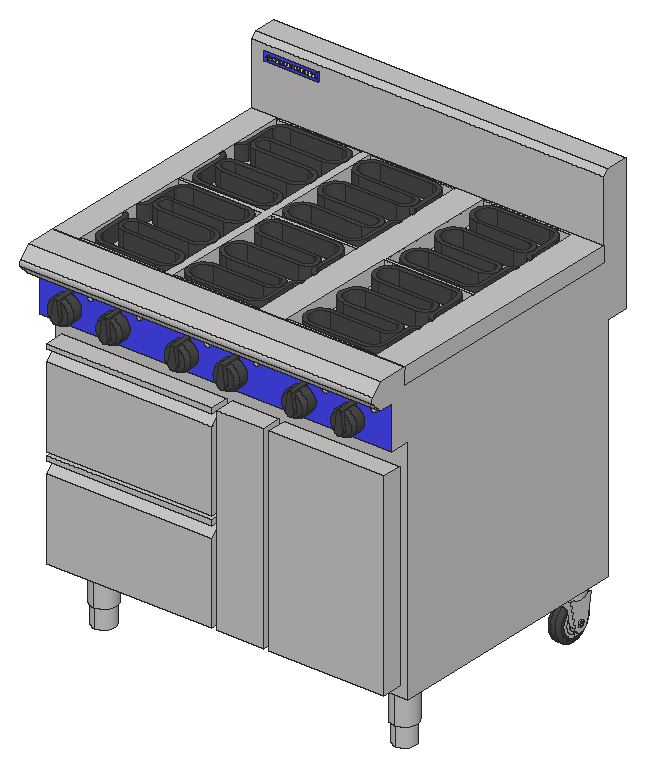
Revit family "QF_MOFFAT_BLUESEAL_CE_E516D-RB", category Specialty Equipment, Revit 2012 (continued)
Definition of nested family "ELECTRIC BURNER 900"
  Forms (mm)
    Extrusion 2, solid, material "QF_Finishes_Black"
      sketch origin (0, 15.7, 0) x (0, -1, 0) y (1, 0, 0)
        loop
          arc (524.15, 246.212) -> (486.45, 283.912) -> (448.75, 246.212) r 37.7
          line (448.75, 246.212) -> (448.75, 113.612)
          arc (448.75, 113.612) -> (431.05, 95.912) -> (413.35, 113.612) r 17.7
          line (413.35, 113.612) -> (413.35, 246.212)
          arc (413.35, 246.212) -> (375.65, 283.912) -> (337.95, 246.212) r 37.7
          line (337.95, 246.212) -> (337.95, 113.784)
          arc (337.95, 113.784) -> (347.849, 87.513) -> (373.414, 75.912) r 36.722
          line (373.414, 75.912) -> (444.681, 75.912)
          arc (444.681, 75.912) -> (453.49, 72.964) -> (459.168, 65.612) r 15.973
          line (459.168, 65.612) -> (469.581, 65.612)
        loop
          line (156.993, 523.112) -> (146.6, 523.112)
          arc (146.6, 523.112) -> (140.976, 515.752) -> (132.193, 512.812) r 15.79
          line (132.193, 512.812) -> (60.914, 512.812)
          arc (60.914, 512.812) -> (35.349, 501.211) -> (25.45, 474.94) r 36.722
          line (25.45, 474.94) -> (25.45, 342.512)
          arc (25.45, 342.512) -> (63.15, 304.812) -> (100.85, 342.512) r 37.7
          line (100.85, 342.512) -> (100.85, 475.112)
          arc (100.85, 475.112) -> (118.55, 492.812) -> (136.25, 475.112) r 17.7
          line (136.25, 475.112) -> (136.25, 342.512)
          arc (136.25, 342.512) -> (173.95, 304.812) -> (211.65, 342.512) r 37.7
          line (211.65, 342.512) -> (211.65, 475.112)
          arc (211.65, 475.112) -> (229.35, 492.812) -> (247.05, 475.112) r 17.7
          line (247.05, 475.112) -> (247.05, 342.512)
          arc (247.05, 342.512) -> (284.75, 304.812) -> (322.45, 342.512) r 37.7
          line (322.45, 342.512) -> (322.45, 474.94)
          arc (322.45, 474.94) -> (312.551, 501.211) -> (286.986, 512.812) r 36.722
          line (286.986, 512.812) -> (215.719, 512.812)
          arc (215.719, 512.812) -> (206.91, 515.761) -> (201.232, 523.112) r 15.973
          line (201.232, 523.112) -> (190.819, 523.112)
          arc (190.819, 523.112) -> (199.705, 508.688) -> (215.596, 502.812) r 25.973
          line (215.596, 502.812) -> (286.804, 502.812)
          arc (286.804, 502.812) -> (305.355, 494.266) -> (312.45, 475.112) r 26.722
          line (312.45, 475.112) -> (312.45, 342.512)
          arc (312.45, 342.512) -> (284.75, 314.812) -> (257.05, 342.512) r 27.7
          line (257.05, 342.512) -> (257.05, 474.487)
          arc (257.05, 474.487) -> (229.35, 502.187) -> (201.65, 474.487) r 27.7
          line (201.65, 474.487) -> (201.65, 342.512)
          arc (201.65, 342.512) -> (173.95, 314.812) -> (146.25, 342.512) r 27.7
          line (146.25, 342.512) -> (146.25, 474.956)
          arc (146.25, 474.956) -> (118.55, 502.656) -> (90.85, 474.956) r 27.7
          line (90.85, 474.956) -> (90.85, 342.512)
          arc (90.85, 342.512) -> (63.15, 314.812) -> (35.45, 342.512) r 27.7
          line (35.45, 342.512) -> (35.45, 475.112)
          arc (35.45, 475.112) -> (42.545, 494.266) -> (61.096, 502.812) r 26.722
          line (61.096, 502.812) -> (132.304, 502.812)
          arc (132.304, 502.812) -> (148.172, 508.677) -> (156.993, 523.112) r 25.79
        loop
          line (469.581, 523.112) -> (459.168, 523.112)
          arc (459.168, 523.112) -> (453.49, 515.761) -> (444.681, 512.812) r 15.973
          line (444.681, 512.812) -> (373.414, 512.812)
          arc (373.414, 512.812) -> (347.849, 501.211) -> (337.95, 474.94) r 36.722
          line (337.95, 474.94) -> (337.95, 342.512)
          arc (337.95, 342.512) -> (375.65, 304.812) -> (413.35, 342.512) r 37.7
          line (413.35, 342.512) -> (413.35, 475.112)
          arc (413.35, 475.112) -> (431.05, 492.812) -> (448.75, 475.112) r 17.7
          line (448.75, 475.112) -> (448.75, 342.512)
          arc (448.75, 342.512) -> (486.45, 304.812) -> (524.15, 342.512) r 37.7
          line (524.15, 342.512) -> (524.15, 475.112)
          arc (524.15, 475.112) -> (541.85, 492.812) -> (559.55, 475.112) r 17.7
          line (559.55, 475.112) -> (559.55, 342.512)
          arc (559.55, 342.512) -> (597.25, 304.812) -> (634.95, 342.512) r 37.7
          line (634.95, 342.512) -> (634.95, 474.94)
          arc (634.95, 474.94) -> (625.051, 501.211) -> (599.486, 512.812) r 36.722
          line (599.486, 512.812) -> (528.207, 512.812)
          arc (528.207, 512.812) -> (519.162, 515.944) -> (513.588, 523.725) r 15.79
          line (513.588, 523.725) -> (503.282, 523.725)
          arc (503.282, 523.725) -> (511.987, 508.876) -> (528.096, 502.812) r 25.79
          line (528.096, 502.812) -> (599.304, 502.812)
          arc (599.304, 502.812) -> (617.855, 494.266) -> (624.95, 475.112) r 26.722
          line (624.95, 475.112) -> (624.95, 342.512)
          arc (624.95, 342.512) -> (597.25, 314.812) -> (569.55, 342.512) r 27.7
          line (569.55, 342.512) -> (569.55, 473.862)
          arc (569.55, 473.862) -> (541.85, 501.562) -> (514.15, 473.862) r 27.7
          line (514.15, 473.862) -> (514.15, 342.512)
          arc (514.15, 342.512) -> (486.45, 314.812) -> (458.75, 342.512) r 27.7
          line (458.75, 342.512) -> (458.75, 473.862)
          arc (458.75, 473.862) -> (431.05, 501.562) -> (403.35, 473.862) r 27.7
          line (403.35, 473.862) -> (403.35, 342.512)
          arc (403.35, 342.512) -> (375.65, 314.812) -> (347.95, 342.512) r 27.7
          line (347.95, 342.512) -> (347.95, 475.112)
          arc (347.95, 475.112) -> (355.045, 494.266) -> (373.596, 502.812) r 26.722
          line (373.596, 502.812) -> (444.804, 502.812)
          arc (444.804, 502.812) -> (460.695, 508.688) -> (469.581, 523.112) r 25.973
        loop
          line (156.993, 823.112) -> (146.6, 823.112)
          arc (146.6, 823.112) -> (140.976, 815.752) -> (132.193, 812.812) r 15.79
          line (132.193, 812.812) -> (60.914, 812.812)
          arc (60.914, 812.812) -> (35.349, 801.211) -> (25.45, 774.94) r 36.722
          line (25.45, 774.94) -> (25.45, 642.512)
          arc (25.45, 642.512) -> (63.15, 604.812) -> (100.85, 642.512) r 37.7
          line (100.85, 642.512) -> (100.85, 775.112)
          arc (100.85, 775.112) -> (118.55, 792.812) -> (136.25, 775.112) r 17.7
          line (136.25, 775.112) -> (136.25, 642.512)
          arc (136.25, 642.512) -> (173.95, 604.812) -> (211.65, 642.512) r 37.7
          line (211.65, 642.512) -> (211.65, 775.112)
          arc (211.65, 775.112) -> (229.35, 792.812) -> (247.05, 775.112) r 17.7
          line (247.05, 775.112) -> (247.05, 642.512)
          arc (247.05, 642.512) -> (284.75, 604.812) -> (322.45, 642.512) r 37.7
          line (322.45, 642.512) -> (322.45, 774.94)
          arc (322.45, 774.94) -> (312.551, 801.211) -> (286.986, 812.812) r 36.722
          line (286.986, 812.812) -> (215.719, 812.812)
          arc (215.719, 812.812) -> (206.91, 815.761) -> (201.232, 823.112) r 15.973
          line (201.232, 823.112) -> (190.819, 823.112)
          arc (190.819, 823.112) -> (199.705, 808.688) -> (215.596, 802.812) r 25.973
          line (215.596, 802.812) -> (286.804, 802.812)
          arc (286.804, 802.812) -> (305.355, 794.266) -> (312.45, 775.112) r 26.722
          line (312.45, 775.112) -> (312.45, 642.512)
          arc (312.45, 642.512) -> (284.75, 614.812) -> (257.05, 642.512) r 27.7
          line (257.05, 642.512) -> (257.05, 774.487)
          arc (257.05, 774.487) -> (229.35, 802.187) -> (201.65, 774.487) r 27.7
          line (201.65, 774.487) -> (201.65, 642.512)
          arc (201.65, 642.512) -> (173.95, 614.812) -> (146.25, 642.512) r 27.7
          line (146.25, 642.512) -> (146.25, 774.956)
          arc (146.25, 774.956) -> (118.55, 802.656) -> (90.85, 774.956) r 27.7
          line (90.85, 774.956) -> (90.85, 642.512)
          arc (90.85, 642.512) -> (63.15, 614.812) -> (35.45, 642.512) r 27.7
          line (35.45, 642.512) -> (35.45, 775.112)
          arc (35.45, 775.112) -> (42.545, 794.266) -> (61.096, 802.812) r 26.722
          line (61.096, 802.812) -> (132.304, 802.812)
          arc (132.304, 802.812) -> (148.172, 808.677) -> (156.993, 823.112) r 25.79
        loop
          line (469.581, 823.112) -> (459.168, 823.112)
          arc (459.168, 823.112) -> (453.49, 815.761) -> (444.681, 812.812) r 15.973
          line (444.681, 812.812) -> (373.414, 812.812)
          arc (373.414, 812.812) -> (347.849, 801.211) -> (337.95, 774.94) r 36.722
          line (337.95, 774.94) -> (337.95, 642.512)
          arc (337.95, 642.512) -> (375.65, 604.812) -> (413.35, 642.512) r 37.7
          line (413.35, 642.512) -> (413.35, 775.112)
          arc (413.35, 775.112) -> (431.05, 792.812) -> (448.75, 775.112) r 17.7
          line (448.75, 775.112) -> (448.75, 642.512)
          arc (448.75, 642.512) -> (486.45, 604.812) -> (524.15, 642.512) r 37.7
          line (524.15, 642.512) -> (524.15, 775.112)
          arc (524.15, 775.112) -> (541.85, 792.812) -> (559.55, 775.112) r 17.7
          line (559.55, 775.112) -> (559.55, 642.512)
          arc (559.55, 642.512) -> (597.25, 604.812) -> (634.95, 642.512) r 37.7
          line (634.95, 642.512) -> (634.95, 774.94)
          arc (634.95, 774.94) -> (625.051, 801.211) -> (599.486, 812.812) r 36.722
          line (599.486, 812.812) -> (528.207, 812.812)
          arc (528.207, 812.812) -> (519.162, 815.944) -> (513.588, 823.725) r 15.79
          line (513.588, 823.725) -> (503.282, 823.725)
          arc (503.282, 823.725) -> (511.987, 808.876) -> (528.096, 802.812) r 25.79
          line (528.096, 802.812) -> (599.304, 802.812)
          arc (599.304, 802.812) -> (617.855, 794.266) -> (624.95, 775.112) r 26.722
          line (624.95, 775.112) -> (624.95, 642.512)
          arc (624.95, 642.512) -> (597.25, 614.812) -> (569.55, 642.512) r 27.7
          line (569.55, 642.512) -> (569.55, 773.862)
          arc (569.55, 773.862) -> (541.85, 801.562) -> (514.15, 773.862) r 27.7
          line (514.15, 773.862) -> (514.15, 642.512)
          arc (514.15, 642.512) -> (486.45, 614.812) -> (458.75, 642.512) r 27.7
          line (458.75, 642.512) -> (458.75, 773.862)
          arc (458.75, 773.862) -> (431.05, 801.562) -> (403.35, 773.862) r 27.7
          line (403.35, 773.862) -> (403.35, 642.512)
          arc (403.35, 642.512) -> (375.65, 614.812) -> (347.95, 642.512) r 27.7
          line (347.95, 642.512) -> (347.95, 775.112)
          arc (347.95, 775.112) -> (355.045, 794.266) -> (373.596, 802.812) r 26.722
          line (373.596, 802.812) -> (444.804, 802.812)
          arc (444.804, 802.812) -> (460.695, 808.688) -> (469.581, 823.112) r 25.973
      from 0 to 40
  Lines and regions (mm)
    symbolic lines
      curve 1: line (246.212, -75.15, 0) -> (113.769, -75.15, 0)
      curve 2: arc (113.769, -75.15, 0) -> (86.069, -102.85, 0) -> (113.769, -130.55, 0) r 27.7
      curve 3: line (113.769, -130.55, 0) -> (246.212, -130.55, 0)
      curve 4: arc (246.212, -130.55, 0) -> (273.912, -158.25, 0) -> (246.212, -185.95, 0) r 27.7
      curve 5: line (246.212, -185.95, 0) -> (114.237, -185.95, 0)
      curve 6: arc (114.237, -185.95, 0) -> (86.537, -213.65, 0) -> (114.237, -241.35, 0) r 27.7
      curve 7: line (114.237, -241.35, 0) -> (246.212, -241.35, 0)
      curve 8: arc (246.212, -241.35, 0) -> (273.912, -269.05, 0) -> (246.212, -296.75, 0) r 27.7
      curve 9: line (246.212, -296.75, 0) -> (113.612, -296.75, 0)
      curve 10: arc (113.612, -296.75, 0) -> (94.459, -289.655, 0) -> (85.912, -271.104, 0) r 26.722
      curve 11: line (85.912, -271.104, 0) -> (85.912, -199.896, 0)
      curve 12: arc (85.912, -199.896, 0) -> (80.037, -184.005, 0) -> (65.612, -175.119, 0) r 25.973
      curve 13: line (65.612, -175.119, 0) -> (65.612, -185.532, 0)
      curve 14: arc (65.612, -185.532, 0) -> (72.964, -191.21, 0) -> (75.912, -200.019, 0) r 15.973
      curve 15: line (75.912, -200.019, 0) -> (75.912, -271.286, 0)
      curve 16: arc (75.912, -271.286, 0) -> (87.513, -296.851, 0) -> (113.784, -306.75, 0) r 36.722
      curve 17: line (113.784, -306.75, 0) -> (246.212, -306.75, 0)
      curve 18: arc (246.212, -306.75, 0) -> (283.912, -269.05, 0) -> (246.212, -231.35, 0) r 37.7
      curve 19: line (246.212, -231.35, 0) -> (113.612, -231.35, 0)
      curve 20: arc (113.612, -231.35, 0) -> (95.912, -213.65, 0) -> (113.612, -195.95, 0) r 17.7
      curve 21: line (113.612, -195.95, 0) -> (246.212, -195.95, 0)
      curve 22: arc (246.212, -195.95, 0) -> (283.912, -158.25, 0) -> (246.212, -120.55, 0) r 37.7
      curve 23: line (246.212, -120.55, 0) -> (113.612, -120.55, 0)
      curve 24: arc (113.612, -120.55, 0) -> (95.912, -102.85, 0) -> (113.612, -85.15, 0) r 17.7
      curve 25: line (113.612, -85.15, 0) -> (246.212, -85.15, 0)
      curve 26: arc (246.212, -85.15, 0) -> (283.912, -47.45, 0) -> (246.212, -9.75, 0) r 37.7
      curve 27: line (246.212, -9.75, 0) -> (113.784, -9.75, 0)
      curve 28: arc (113.784, -9.75, 0) -> (87.513, -19.649, 0) -> (75.912, -45.214, 0) r 36.722
      curve 29: line (75.912, -45.214, 0) -> (75.912, -116.493, 0)
      curve 30: arc (75.912, -116.493, 0) -> (72.972, -125.276, 0) -> (65.612, -130.9, 0) r 15.79
      curve 31: line (65.612, -130.9, 0) -> (65.612, -141.293, 0)
      curve 32: arc (65.612, -141.293, 0) -> (80.048, -132.472, 0) -> (85.912, -116.604, 0) r 25.79
      curve 33: line (85.912, -116.604, 0) -> (85.912, -45.396, 0)
      curve 34: arc (85.912, -45.396, 0) -> (94.459, -26.845, 0) -> (113.612, -19.75, 0) r 26.722
      curve 35: line (113.612, -19.75, 0) -> (246.212, -19.75, 0)
      curve 36: arc (246.212, -19.75, 0) -> (273.912, -47.45, 0) -> (246.212, -75.15, 0) r 27.7
      curve 37: line (474.956, -75.15, 0) -> (342.512, -75.15, 0)
      curve 38: arc (342.512, -75.15, 0) -> (314.812, -47.45, 0) -> (342.512, -19.75, 0) r 27.7
      curve 39: line (342.512, -19.75, 0) -> (475.112, -19.75, 0)
      curve 40: arc (475.112, -19.75, 0) -> (494.266, -26.845, 0) -> (502.812, -45.396, 0) r 26.722
      curve 41: line (502.812, -45.396, 0) -> (502.812, -116.604, 0)
      curve 42: arc (502.812, -116.604, 0) -> (508.677, -132.472, 0) -> (523.112, -141.293, 0) r 25.79
      curve 43: line (523.112, -141.293, 0) -> (523.112, -130.9, 0)
      curve 44: arc (523.112, -130.9, 0) -> (515.752, -125.276, 0) -> (512.812, -116.493, 0) r 15.79
      curve 45: line (512.812, -116.493, 0) -> (512.812, -45.214, 0)
      curve 46: arc (512.812, -45.214, 0) -> (501.211, -19.649, 0) -> (474.94, -9.75, 0) r 36.722
      curve 47: line (474.94, -9.75, 0) -> (342.512, -9.75, 0)
      curve 48: arc (342.512, -9.75, 0) -> (304.812, -47.45, 0) -> (342.512, -85.15, 0) r 37.7
      curve 49: line (342.512, -85.15, 0) -> (475.112, -85.15, 0)
      curve 50: arc (475.112, -85.15, 0) -> (492.812, -102.85, 0) -> (475.112, -120.55, 0) r 17.7
      curve 51: line (475.112, -120.55, 0) -> (342.512, -120.55, 0)
      curve 52: arc (342.512, -120.55, 0) -> (304.812, -158.25, 0) -> (342.512, -195.95, 0) r 37.7
      curve 53: line (342.512, -195.95, 0) -> (475.112, -195.95, 0)
      curve 54: arc (475.112, -195.95, 0) -> (492.812, -213.65, 0) -> (475.112, -231.35, 0) r 17.7
      curve 55: line (475.112, -231.35, 0) -> (342.512, -231.35, 0)
      curve 56: arc (342.512, -231.35, 0) -> (304.812, -269.05, 0) -> (342.512, -306.75, 0) r 37.7
      curve 57: line (342.512, -306.75, 0) -> (474.94, -306.75, 0)
      curve 58: arc (474.94, -306.75, 0) -> (501.211, -296.851, 0) -> (512.812, -271.286, 0) r 36.722
      curve 59: line (512.812, -271.286, 0) -> (512.812, -200.019, 0)
      curve 60: arc (512.812, -200.019, 0) -> (515.761, -191.21, 0) -> (523.112, -185.532, 0) r 15.973
      curve 61: line (523.112, -185.532, 0) -> (523.112, -175.119, 0)
      curve 62: arc (523.112, -175.119, 0) -> (508.688, -184.005, 0) -> (502.812, -199.896, 0) r 25.973
      curve 63: line (502.812, -199.896, 0) -> (502.812, -271.104, 0)
      curve 64: arc (502.812, -271.104, 0) -> (494.266, -289.655, 0) -> (475.112, -296.75, 0) r 26.722
      curve 65: line (475.112, -296.75, 0) -> (342.512, -296.75, 0)
      curve 66: arc (342.512, -296.75, 0) -> (314.812, -269.05, 0) -> (342.512, -241.35, 0) r 27.7
      curve 67: line (342.512, -241.35, 0) -> (474.487, -241.35, 0)
      curve 68: arc (474.487, -241.35, 0) -> (502.187, -213.65, 0) -> (474.487, -185.95, 0) r 27.7
      curve 69: line (474.487, -185.95, 0) -> (342.512, -185.95, 0)
      curve 70: arc (342.512, -185.95, 0) -> (314.812, -158.25, 0) -> (342.512, -130.55, 0) r 27.7
      curve 71: line (342.512, -130.55, 0) -> (474.956, -130.55, 0)
      curve 72: arc (474.956, -130.55, 0) -> (502.656, -102.85, 0) -> (474.956, -75.15, 0) r 27.7
      curve 73: line (774.956, -75.15, 0) -> (642.512, -75.15, 0)
      curve 74: arc (642.512, -75.15, 0) -> (614.812, -47.45, 0) -> (642.512, -19.75, 0) r 27.7
      curve 75: line (642.512, -19.75, 0) -> (775.112, -19.75, 0)
      curve 76: arc (775.112, -19.75, 0) -> (794.266, -26.845, 0) -> (802.812, -45.396, 0) r 26.722
      curve 77: line (802.812, -45.396, 0) -> (802.812, -116.604, 0)
      curve 78: arc (802.812, -116.604, 0) -> (808.677, -132.472, 0) -> (823.112, -141.293, 0) r 25.79
      curve 79: line (823.112, -141.293, 0) -> (823.112, -130.9, 0)
      curve 80: arc (823.112, -130.9, 0) -> (815.752, -125.276, 0) -> (812.812, -116.493, 0) r 15.79
      curve 81: line (812.812, -116.493, 0) -> (812.812, -45.214, 0)
      curve 82: arc (812.812, -45.214, 0) -> (801.211, -19.649, 0) -> (774.94, -9.75, 0) r 36.722
      curve 83: line (774.94, -9.75, 0) -> (642.512, -9.75, 0)
      curve 84: arc (642.512, -9.75, 0) -> (604.812, -47.45, 0) -> (642.512, -85.15, 0) r 37.7
      curve 85: line (642.512, -85.15, 0) -> (775.112, -85.15, 0)
      curve 86: arc (775.112, -85.15, 0) -> (792.812, -102.85, 0) -> (775.112, -120.55, 0) r 17.7
      curve 87: line (775.112, -120.55, 0) -> (642.512, -120.55, 0)
      curve 88: arc (642.512, -120.55, 0) -> (604.812, -158.25, 0) -> (642.512, -195.95, 0) r 37.7
      curve 89: line (642.512, -195.95, 0) -> (775.112, -195.95, 0)
      curve 90: arc (775.112, -195.95, 0) -> (792.812, -213.65, 0) -> (775.112, -231.35, 0) r 17.7
      curve 91: line (775.112, -231.35, 0) -> (642.512, -231.35, 0)
      curve 92: arc (642.512, -231.35, 0) -> (604.812, -269.05, 0) -> (642.512, -306.75, 0) r 37.7
      curve 93: line (642.512, -306.75, 0) -> (774.94, -306.75, 0)
      curve 94: arc (774.94, -306.75, 0) -> (801.211, -296.851, 0) -> (812.812, -271.286, 0) r 36.722
      curve 95: line (812.812, -271.286, 0) -> (812.812, -200.019, 0)
      curve 96: arc (812.812, -200.019, 0) -> (815.761, -191.21, 0) -> (823.112, -185.532, 0) r 15.973
      curve 97: line (823.112, -185.532, 0) -> (823.112, -175.119, 0)
      curve 98: arc (823.112, -175.119, 0) -> (808.688, -184.005, 0) -> (802.812, -199.896, 0) r 25.973
      curve 99: line (802.812, -199.896, 0) -> (802.812, -271.104, 0)
      curve 100: arc (802.812, -271.104, 0) -> (794.266, -289.655, 0) -> (775.112, -296.75, 0) r 26.722
      curve 101: line (775.112, -296.75, 0) -> (642.512, -296.75, 0)
      curve 102: arc (642.512, -296.75, 0) -> (614.812, -269.05, 0) -> (642.512, -241.35, 0) r 27.7
      curve 103: line (642.512, -241.35, 0) -> (774.487, -241.35, 0)
      curve 104: arc (774.487, -241.35, 0) -> (802.187, -213.65, 0) -> (774.487, -185.95, 0) r 27.7
      curve 105: line (774.487, -185.95, 0) -> (642.512, -185.95, 0)
      curve 106: arc (642.512, -185.95, 0) -> (614.812, -158.25, 0) -> (642.512, -130.55, 0) r 27.7
      curve 107: line (642.512, -130.55, 0) -> (774.956, -130.55, 0)
      curve 108: arc (774.956, -130.55, 0) -> (802.656, -102.85, 0) -> (774.956, -75.15, 0) r 27.7
      curve 109: line (642.512, -397.65, 0) -> (775.112, -397.65, 0)
      curve 110: arc (775.112, -397.65, 0) -> (792.812, -415.35, 0) -> (775.112, -433.05, 0) r 17.7
      curve 111: line (775.112, -433.05, 0) -> (642.512, -433.05, 0)
      curve 112: arc (642.512, -433.05, 0) -> (604.812, -470.75, 0) -> (642.512, -508.45, 0) r 37.7
      curve 113: line (642.512, -508.45, 0) -> (775.112, -508.45, 0)
      curve 114: arc (775.112, -508.45, 0) -> (792.812, -526.15, 0) -> (775.112, -543.85, 0) r 17.7
      curve 115: line (775.112, -543.85, 0) -> (642.512, -543.85, 0)
      curve 116: arc (642.512, -543.85, 0) -> (604.812, -581.55, 0) -> (642.512, -619.25, 0) r 37.7
      curve 117: line (642.512, -619.25, 0) -> (774.94, -619.25, 0)
      curve 118: arc (774.94, -619.25, 0) -> (801.211, -609.351, 0) -> (812.812, -583.786, 0) r 36.722
      curve 119: line (812.812, -583.786, 0) -> (812.812, -512.507, 0)
      curve 120: arc (812.812, -512.507, 0) -> (815.944, -503.462, 0) -> (823.725, -497.888, 0) r 15.79
      curve 121: line (823.725, -497.888, 0) -> (823.725, -487.582, 0)
      curve 122: arc (823.725, -487.582, 0) -> (808.876, -496.287, 0) -> (802.812, -512.396, 0) r 25.79
      curve 123: line (802.812, -512.396, 0) -> (802.812, -583.604, 0)
      curve 124: arc (802.812, -583.604, 0) -> (794.266, -602.155, 0) -> (775.112, -609.25, 0) r 26.722
      curve 125: line (775.112, -609.25, 0) -> (642.512, -609.25, 0)
      curve 126: arc (642.512, -609.25, 0) -> (614.812, -581.55, 0) -> (642.512, -553.85, 0) r 27.7
      curve 127: line (642.512, -553.85, 0) -> (773.862, -553.85, 0)
      curve 128: arc (773.862, -553.85, 0) -> (801.562, -526.15, 0) -> (773.862, -498.45, 0) r 27.7
      curve 129: line (773.862, -498.45, 0) -> (642.512, -498.45, 0)
      curve 130: arc (642.512, -498.45, 0) -> (614.812, -470.75, 0) -> (642.512, -443.05, 0) r 27.7
      curve 131: line (642.512, -443.05, 0) -> (773.862, -443.05, 0)
      curve 132: arc (773.862, -443.05, 0) -> (801.562, -415.35, 0) -> (773.862, -387.65, 0) r 27.7
      curve 133: line (773.862, -387.65, 0) -> (642.512, -387.65, 0)
      curve 134: arc (642.512, -387.65, 0) -> (614.812, -359.95, 0) -> (642.512, -332.25, 0) r 27.7
      curve 135: line (642.512, -332.25, 0) -> (775.112, -332.25, 0)
      curve 136: arc (775.112, -332.25, 0) -> (794.266, -339.345, 0) -> (802.812, -357.896, 0) r 26.722
      curve 137: line (802.812, -357.896, 0) -> (802.812, -429.104, 0)
      curve 138: arc (802.812, -429.104, 0) -> (808.688, -444.995, 0) -> (823.112, -453.881, 0) r 25.973
      curve 139: line (823.112, -453.881, 0) -> (823.112, -443.468, 0)
      curve 140: arc (823.112, -443.468, 0) -> (815.761, -437.79, 0) -> (812.812, -428.981, 0) r 15.973
      curve 141: line (812.812, -428.981, 0) -> (812.812, -357.714, 0)
      curve 142: arc (812.812, -357.714, 0) -> (801.211, -332.149, 0) -> (774.94, -322.25, 0) r 36.722
      curve 143: line (774.94, -322.25, 0) -> (642.512, -322.25, 0)
      curve 144: arc (642.512, -322.25, 0) -> (604.812, -359.95, 0) -> (642.512, -397.65, 0) r 37.7
      curve 145: line (342.512, -397.65, 0) -> (475.112, -397.65, 0)
      curve 146: arc (475.112, -397.65, 0) -> (492.812, -415.35, 0) -> (475.112, -433.05, 0) r 17.7
      curve 147: line (475.112, -433.05, 0) -> (342.512, -433.05, 0)
      curve 148: arc (342.512, -433.05, 0) -> (304.812, -470.75, 0) -> (342.512, -508.45, 0) r 37.7
      curve 149: line (342.512, -508.45, 0) -> (475.112, -508.45, 0)
      curve 150: arc (475.112, -508.45, 0) -> (492.812, -526.15, 0) -> (475.112, -543.85, 0) r 17.7
      curve 151: line (475.112, -543.85, 0) -> (342.512, -543.85, 0)
      curve 152: arc (342.512, -543.85, 0) -> (304.812, -581.55, 0) -> (342.512, -619.25, 0) r 37.7
      curve 153: line (342.512, -619.25, 0) -> (474.94, -619.25, 0)
      curve 154: arc (474.94, -619.25, 0) -> (501.211, -609.351, 0) -> (512.812, -583.786, 0) r 36.722
      curve 155: line (512.812, -583.786, 0) -> (512.812, -512.507, 0)
      curve 156: arc (512.812, -512.507, 0) -> (515.944, -503.462, 0) -> (523.725, -497.888, 0) r 15.79
      curve 157: line (523.725, -497.888, 0) -> (523.725, -487.582, 0)
      curve 158: arc (523.725, -487.582, 0) -> (508.876, -496.287, 0) -> (502.812, -512.396, 0) r 25.79
      curve 159: line (502.812, -512.396, 0) -> (502.812, -583.604, 0)
      curve 160: arc (502.812, -583.604, 0) -> (494.266, -602.155, 0) -> (475.112, -609.25, 0) r 26.722
      curve 161: line (475.112, -609.25, 0) -> (342.512, -609.25, 0)
      curve 162: arc (342.512, -609.25, 0) -> (314.812, -581.55, 0) -> (342.512, -553.85, 0) r 27.7
      curve 163: line (342.512, -553.85, 0) -> (473.862, -553.85, 0)
      curve 164: arc (473.862, -553.85, 0) -> (501.562, -526.15, 0) -> (473.862, -498.45, 0) r 27.7
      curve 165: line (473.862, -498.45, 0) -> (342.512, -498.45, 0)
      curve 166: arc (342.512, -498.45, 0) -> (314.812, -470.75, 0) -> (342.512, -443.05, 0) r 27.7
      curve 167: line (342.512, -443.05, 0) -> (473.862, -443.05, 0)
      curve 168: arc (473.862, -443.05, 0) -> (501.562, -415.35, 0) -> (473.862, -387.65, 0) r 27.7
      curve 169: line (473.862, -387.65, 0) -> (342.512, -387.65, 0)
      curve 170: arc (342.512, -387.65, 0) -> (314.812, -359.95, 0) -> (342.512, -332.25, 0) r 27.7
      curve 171: line (342.512, -332.25, 0) -> (475.112, -332.25, 0)
      curve 172: arc (475.112, -332.25, 0) -> (494.266, -339.345, 0) -> (502.812, -357.896, 0) r 26.722
      curve 173: line (502.812, -357.896, 0) -> (502.812, -429.104, 0)
      curve 174: arc (502.812, -429.104, 0) -> (508.688, -444.995, 0) -> (523.112, -453.881, 0) r 25.973
      curve 175: line (523.112, -453.881, 0) -> (523.112, -443.468, 0)
      curve 176: arc (523.112, -443.468, 0) -> (515.761, -437.79, 0) -> (512.812, -428.981, 0) r 15.973
      curve 177: line (512.812, -428.981, 0) -> (512.812, -357.714, 0)
      curve 178: arc (512.812, -357.714, 0) -> (501.211, -332.149, 0) -> (474.94, -322.25, 0) r 36.722
      curve 179: line (474.94, -322.25, 0) -> (342.512, -322.25, 0)
      curve 180: arc (342.512, -322.25, 0) -> (304.812, -359.95, 0) -> (342.512, -397.65, 0) r 37.7
      curve 181: line (246.212, -387.65, 0) -> (114.862, -387.65, 0)
      curve 182: arc (114.862, -387.65, 0) -> (87.162, -415.35, 0) -> (114.862, -443.05, 0) r 27.7
      curve 183: line (114.862, -443.05, 0) -> (246.212, -443.05, 0)
      curve 184: arc (246.212, -443.05, 0) -> (273.912, -470.75, 0) -> (246.212, -498.45, 0) r 27.7
      curve 185: line (246.212, -498.45, 0) -> (114.862, -498.45, 0)
      curve 186: arc (114.862, -498.45, 0) -> (87.162, -526.15, 0) -> (114.862, -553.85, 0) r 27.7
      curve 187: line (114.862, -553.85, 0) -> (246.212, -553.85, 0)
      curve 188: arc (246.212, -553.85, 0) -> (273.912, -581.55, 0) -> (246.212, -609.25, 0) r 27.7
      curve 189: line (246.212, -609.25, 0) -> (113.612, -609.25, 0)
      curve 190: arc (113.612, -609.25, 0) -> (94.459, -602.155, 0) -> (85.912, -583.604, 0) r 26.722
      curve 191: line (85.912, -583.604, 0) -> (85.912, -512.396, 0)
      curve 192: arc (85.912, -512.396, 0) -> (79.848, -496.287, 0) -> (65, -487.582, 0) r 25.79
      curve 193: line (65, -487.582, 0) -> (65, -497.888, 0)
      curve 194: arc (65, -497.888, 0) -> (72.781, -503.462, 0) -> (75.912, -512.507, 0) r 15.79
      curve 195: line (75.912, -512.507, 0) -> (75.912, -583.786, 0)
      curve 196: arc (75.912, -583.786, 0) -> (87.513, -609.351, 0) -> (113.784, -619.25, 0) r 36.722
      curve 197: line (113.784, -619.25, 0) -> (246.212, -619.25, 0)
      curve 198: arc (246.212, -619.25, 0) -> (283.912, -581.55, 0) -> (246.212, -543.85, 0) r 37.7
      curve 199: line (246.212, -543.85, 0) -> (113.612, -543.85, 0)
      curve 200: arc (113.612, -543.85, 0) -> (95.912, -526.15, 0) -> (113.612, -508.45, 0) r 17.7
      curve 201: line (113.612, -508.45, 0) -> (246.212, -508.45, 0)
      curve 202: arc (246.212, -508.45, 0) -> (283.912, -470.75, 0) -> (246.212, -433.05, 0) r 37.7
      curve 203: line (246.212, -433.05, 0) -> (113.612, -433.05, 0)
      curve 204: arc (113.612, -433.05, 0) -> (95.912, -415.35, 0) -> (113.612, -397.65, 0) r 17.7
      curve 205: line (113.612, -397.65, 0) -> (246.212, -397.65, 0)
      curve 206: arc (246.212, -397.65, 0) -> (283.912, -359.95, 0) -> (246.212, -322.25, 0) r 37.7
      curve 207: line (246.212, -322.25, 0) -> (113.784, -322.25, 0)
      curve 208: arc (113.784, -322.25, 0) -> (87.513, -332.149, 0) -> (75.912, -357.714, 0) r 36.722
      curve 209: line (75.912, -357.714, 0) -> (75.912, -428.981, 0)
      curve 210: arc (75.912, -428.981, 0) -> (72.964, -437.79, 0) -> (65.612, -443.468, 0) r 15.973
      curve 211: line (65.612, -443.468, 0) -> (65.612, -453.881, 0)
      curve 212: arc (65.612, -453.881, 0) -> (80.037, -444.995, 0) -> (85.912, -429.104, 0) r 25.973
      curve 213: line (85.912, -429.104, 0) -> (85.912, -357.896, 0)
      curve 214: arc (85.912, -357.896, 0) -> (94.459, -339.345, 0) -> (113.612, -332.25, 0) r 26.722
      curve 215: line (113.612, -332.25, 0) -> (246.212, -332.25, 0)
      curve 216: arc (246.212, -332.25, 0) -> (273.912, -359.95, 0) -> (246.212, -387.65, 0) r 27.7
      curve 217: line (0, 0, 0) -> (0, -635, 0)
      curve 218: line (0, -635, 0) -> (900, -635, 0)
      curve 219: line (900, -635, 0) -> (900, 0, 0)
      curve 220: line (900, 0, 0) -> (0, 0, 0)
      curve 221: line (65.8, -312.651, 0) -> (65.8, -5, 0)
      curve 222: line (65.8, -5, 0) -> (284.362, -5, 0)
      curve 223: line (284.362, -5, 0) -> (284.362, -312.651, 0)
      curve 224: line (284.362, -312.651, 0) -> (65.8, -312.651, 0)
      curve 225: line (304.362, -312.651, 0) -> (304.362, -5, 0)
      curve 226: line (304.362, -5, 0) -> (523.112, -5, 0)
      curve 227: line (523.112, -5, 0) -> (523.112, -312.651, 0)
      curve 228: line (523.112, -312.651, 0) -> (304.362, -312.651, 0)
      curve 229: line (594.362, -312.651, 0) -> (594.362, -5, 0)
      curve 230: line (594.362, -5, 0) -> (823.112, -5, 0)
      curve 231: line (823.112, -5, 0) -> (823.112, -312.651, 0)
      curve 232: line (823.112, -312.651, 0) -> (594.362, -312.651, 0)
      curve 233: line (823.112, -320.251, 0) -> (823.112, -630, 0)
      curve 234: line (823.112, -630, 0) -> (594.362, -630, 0)
      curve 235: line (594.362, -630, 0) -> (594.362, -320.251, 0)
      curve 236: line (594.362, -320.251, 0) -> (823.112, -320.251, 0)
      curve 237: line (523.112, -320.251, 0) -> (523.112, -630, 0)
      curve 238: line (523.112, -630, 0) -> (304.362, -630, 0)
      curve 239: line (304.362, -630, 0) -> (304.362, -320.251, 0)
      curve 240: line (304.362, -320.251, 0) -> (523.112, -320.251, 0)
      curve 241: line (284.362, -320.251, 0) -> (284.362, -630, 0)
      curve 242: line (284.362, -630, 0) -> (65.8, -630, 0)
      curve 243: line (65.8, -630, 0) -> (65.8, -320.251, 0)
      curve 244: line (65.8, -320.251, 0) -> (284.362, -320.251, 0)
  Dimensions and locks
    equal spacing: plane 3 "LEFT", plane 7 "Center Y", plane 4 "RIGHT"
    "Width": plane 3 "LEFT" to plane 4 "RIGHT"
    equal spacing: plane 5 "FRONT", plane 8 "Center X", plane 1 "BACK"
    "Depth": plane 5 "FRONT" to plane 1 "BACK"
    aligned and locked: level to plane 2
  Automatic sketch dimensions
    plane 1 "BACK" to Extrusion 1 sketch curve = 0 mm
    Extrusion 1 sketch curve to plane 9 = 0 mm  (x2)
    Extrusion 1 sketch curve to plane 3 "LEFT" = 0 mm
    plane 5 "FRONT" to Extrusion 1 sketch curve = 0 mm
    Extrusion 1 sketch curve to plane 4 "RIGHT" = 0 mm
    plane 1 "BACK" to Extrusion 1 sketch curve = 5 mm  (x3)
    plane 8 "Center X" to Extrusion 1 sketch curve = 4.849 mm  (x3)
    Extrusion 1 sketch curve to plane 8 "Center X" = 2.751 mm  (x3)
    Extrusion 1 sketch curve to plane 5 "FRONT" = 5 mm  (x3)
    Extrusion 1 sketch curve to plane 7 "Center Y" = 165.638 mm
    Extrusion 1 sketch curve to Extrusion 1 sketch curve = 0 mm  (x3)
    Extrusion 1 sketch curve to Extrusion 1 sketch curve = 20 mm
    plane 7 "Center Y" to Extrusion 1 sketch curve = 73.112 mm  (x2)
    Extrusion 1 sketch curve to Extrusion 1 sketch curve = 71.25 mm  (x2)
    plane 4 "RIGHT" to Extrusion 1 sketch curve = 76.888 mm
    Extrusion 2 sketch curve to Extrusion 2 sketch curve = 0 mm  (x110)
    plane 1 "BACK" to Extrusion 2 sketch curve = 9.75 mm  (x3)
    Extrusion 2 sketch curve to Extrusion 2 sketch curve = 10 mm  (x6)
    plane 1 "BACK" to Extrusion 2 sketch curve = 45.214 mm  (x3)
    Extrusion 2 sketch curve to Extrusion 2 sketch curve = 0.182 mm  (x12)
    Extrusion 2 sketch curve to Extrusion 2 sketch curve = 26.704 mm  (x11)
    Extrusion 2 sketch curve to Extrusion 2 sketch curve = 27.7 mm  (x20)
    Extrusion 2 sketch curve to Extrusion 2 sketch curve = 17.7 mm  (x12)
    Extrusion 2 sketch curve to Extrusion 2 sketch curve = 4.457 mm  (x3)
    Extrusion 2 sketch curve to Extrusion 2 sketch curve = 0.4 mm  (x5)
    Extrusion 2 sketch curve to Extrusion 2 sketch curve = 0.111 mm  (x6)
    Extrusion 2 sketch curve to Extrusion 2 sketch curve = 14.806 mm  (x3)
    Extrusion 2 sketch curve to Extrusion 2 sketch curve = 10.393 mm  (x3)
    Extrusion 2 sketch curve to Extrusion 2 sketch curve = 33.826 mm  (x3)
    Extrusion 2 sketch curve to Extrusion 2 sketch curve = 10.413 mm  (x6)
    Extrusion 2 sketch curve to Extrusion 2 sketch curve = 14.364 mm  (x3)
    Extrusion 2 sketch curve to Extrusion 2 sketch curve = 0.123 mm  (x6)
    Extrusion 2 sketch curve to Extrusion 2 sketch curve = 14.934 mm  (x4)
    Extrusion 2 sketch curve to Extrusion 2 sketch curve = 0.447 mm  (x5)
    Extrusion 2 sketch curve to Extrusion 2 sketch curve = 1.058 mm  (x7)
    Extrusion 2 sketch curve to plane 8 "Center X" = 4.75 mm  (x3)
    Extrusion 2 sketch curve to plane 8 "Center X" = 40.214 mm  (x3)
    Extrusion 2 sketch curve to Extrusion 2 sketch curve = 4.516 mm  (x3)
    Extrusion 2 sketch curve to Extrusion 2 sketch curve = 33.7 mm  (x3)
    Extrusion 2 sketch curve to Extrusion 2 sketch curve = 10.306 mm  (x3)
    Extrusion 2 sketch curve to Extrusion 2 sketch curve = 14.508 mm  (x3)
    Extrusion 2 sketch curve to Extrusion 2 sketch curve = 15.019 mm
    plane 3 "LEFT" to Extrusion 2 sketch curve = 59.946 mm  (x2)
    plane 3 "LEFT" to Extrusion 2 sketch curve = 60.128 mm  (x2)
    Extrusion 2 sketch curve to Extrusion 2 sketch curve = 4.872 mm
    Extrusion 2 sketch curve to Extrusion 2 sketch curve = 5.484 mm
    Extrusion 2 sketch curve to Extrusion 2 sketch curve = 5.667 mm  (x2)
    Extrusion 2 sketch curve to Extrusion 2 sketch curve = 26.701 mm  (x4)
    Extrusion 2 sketch curve to Extrusion 2 sketch curve = 0.999 mm  (x6)
    Extrusion 2 sketch curve to Extrusion 2 sketch curve = 0.156 mm  (x3)
    Extrusion 2 sketch curve to Extrusion 2 sketch curve = 0.625 mm  (x3)
    Extrusion 2 sketch curve to Extrusion 2 sketch curve = 1.25 mm  (x6)
    Extrusion 2 sketch curve to Extrusion 2 sketch curve = 132.428 mm
    Extrusion 2 sketch curve to Extrusion 2 sketch curve = 132.6 mm
    Extrusion 2 sketch curve to Extrusion 2 sketch curve = 96.3 mm  (x3)
    plane 7 "Center Y" to Extrusion 2 sketch curve = 23.862 mm  (x2)
    plane 7 "Center Y" to Extrusion 2 sketch curve = 24.487 mm
    plane 7 "Center Y" to Extrusion 2 sketch curve = 24.94 mm  (x3)
    plane 7 "Center Y" to Extrusion 2 sketch curve = 24.956 mm
    Extrusion 2 sketch curve to Extrusion 2 sketch curve = 0.172 mm  (x8)
    plane 7 "Center Y" to Extrusion 2 sketch curve = 26.111 mm  (x4)
    Extrusion 2 sketch curve to Extrusion 2 sketch curve = 129.7 mm  (x2)
    plane 4 "RIGHT" to Extrusion 2 sketch curve = 126.138 mm
    plane 4 "RIGHT" to Extrusion 2 sketch curve = 125.513 mm
    Extrusion 2 sketch curve to Extrusion 2 sketch curve = 0.453 mm
    plane 4 "RIGHT" to Extrusion 2 sketch curve = 125.06 mm
    Extrusion 2 sketch curve to Extrusion 2 sketch curve = 1.078 mm
    Extrusion 2 sketch curve to Extrusion 2 sketch curve = 0.016 mm
    curve 4 to curve 22 = 0 mm  (x2)
    curve 8 to curve 18 = 0 mm  (x2)
    curve 10 to curve 16 = 0 mm  (x2)
    curve 12 to curve 14 = 0 mm  (x2)
    curve 26 to curve 36 = 0 mm  (x2)
    curve 28 to curve 34 = 0 mm  (x2)
    curve 30 to curve 32 = 0 mm  (x2)
    plane 3 "LEFT" to curve 14 = 59.946 mm
    plane 3 "LEFT" to curve 32 = 60.128 mm
    curve 12 to curve 14 = 5.667 mm
    curve 30 to curve 32 = 5.484 mm
    curve 30 to curve 30 = 15.784 mm
    plane 8 "Center X" to curve 16 = 46.214 mm
    curve 12 to curve 16 = 15.967 mm
    curve 14 to curve 11 = 10 mm
    curve 29 to curve 32 = 10 mm
    curve 33 to curve 34 = 26.701 mm
    curve 11 to curve 10 = 26.701 mm
    curve 10 to curve 9 = 0.999 mm
    curve 33 to curve 24 = 27.7 mm
    curve 28 to curve 35 = 0.999 mm
    curve 12 to curve 21 = 27.7 mm
    curve 25 to curve 1 = 0.156 mm
    curve 35 to curve 27 = 0.172 mm
    curve 10 to curve 16 = 0.172 mm
    curve 20 to curve 7 = 0.625 mm
    curve 10 to curve 8 = 133.599 mm
    curve 25 to curve 25 = 132.6 mm
    curve 23 to curve 25 = 0 mm
    plane 8 "Center X" to curve 8 = 20.75 mm
    curve 16 to curve 10 = 10 mm
    curve 8 to curve 18 = 27.7 mm
    curve 19 to curve 6 = 17.7 mm
    curve 20 to curve 6 = 0 mm
    curve 12 to curve 20 = 4.516 mm
    curve 12 to curve 14 = 0.447 mm
    curve 14 to curve 12 = 0.123 mm
    curve 4 to curve 4 = 27.7 mm
    curve 12 to curve 32 = 33.826 mm
    curve 32 to curve 31 = 10.393 mm
    curve 30 to curve 33 = 14.296 mm
    curve 23 to curve 2 = 17.7 mm
    curve 24 to curve 2 = 0 mm
    curve 1 to curve 26 = 27.7 mm
    curve 34 to curve 34 = 26.704 mm
    curve 38 to curve 48 = 0 mm  (x2)
    curve 40 to curve 46 = 0 mm  (x2)
    curve 42 to curve 44 = 0 mm  (x2)
    curve 52 to curve 70 = 0 mm  (x2)
    curve 56 to curve 66 = 0 mm  (x2)
    curve 58 to curve 64 = 0 mm  (x2)
    curve 60 to curve 62 = 0 mm  (x2)
    plane 8 "Center X" to curve 66 = 20.75 mm
    curve 8 to curve 66 = 96.3 mm
    curve 36 to curve 37 = 96.3 mm
    curve 53 to curve 56 = 0 mm
    plane 7 "Center Y" to curve 68 = 24.487 mm
    plane 1 "BACK" to curve 47 = 9.75 mm
    plane 7 "Center Y" to curve 47 = 24.94 mm
    plane 7 "Center Y" to curve 58 = 24.94 mm
    plane 7 "Center Y" to curve 72 = 24.956 mm
    curve 67 to curve 54 = 0.625 mm
    curve 71 to curve 51 = 0.156 mm
    curve 47 to curve 39 = 0.172 mm
    curve 57 to curve 65 = 0.172 mm
    plane 7 "Center Y" to curve 58 = 26.111 mm
    plane 7 "Center Y" to curve 40 = 26.111 mm
    curve 40 to curve 40 = 26.701 mm
    curve 53 to curve 62 = 27.7 mm
    curve 40 to curve 46 = 10 mm
    curve 63 to curve 58 = 10 mm
    curve 44 to curve 43 = 10.3 mm
    curve 59 to curve 61 = 10.3 mm
    curve 43 to curve 42 = 5.484 mm
    curve 59 to curve 60 = 15.967 mm
    curve 57 to curve 65 = 10 mm
    curve 64 to curve 58 = 25.464 mm
    curve 65 to curve 56 = 27.7 mm
    curve 55 to curve 68 = 17.7 mm
    curve 68 to curve 54 = 0 mm
    curve 62 to curve 53 = 4.516 mm
    curve 60 to curve 59 = 0.447 mm
    curve 59 to curve 63 = 0.123 mm
    curve 70 to curve 52 = 27.7 mm
    curve 62 to curve 42 = 33.826 mm
    curve 42 to curve 43 = 10.393 mm
    curve 43 to curve 41 = 14.296 mm
    curve 50 to curve 50 = 17.7 mm
    curve 72 to curve 50 = 0 mm
    curve 46 to curve 40 = 26.704 mm
    curve 74 to curve 84 = 0 mm  (x2)
    curve 76 to curve 82 = 0 mm  (x2)
    curve 78 to curve 80 = 0 mm  (x2)
    curve 88 to curve 106 = 0 mm  (x2)
    curve 92 to curve 102 = 0 mm  (x2)
    curve 94 to curve 100 = 0 mm  (x2)
    curve 96 to curve 98 = 0 mm  (x2)
    curve 42 to curve 107 = 113.916 mm
    curve 73 to curve 88 = 0 mm
    curve 103 to curve 89 = 0 mm
    plane 4 "RIGHT" to curve 105 = 125.513 mm
    plane 8 "Center X" to curve 94 = 10.75 mm
    curve 103 to curve 94 = 0.453 mm
    plane 1 "BACK" to curve 82 = 9.75 mm
    plane 4 "RIGHT" to curve 82 = 125.06 mm
    curve 104 to curve 108 = 0.469 mm
    curve 103 to curve 90 = 0.625 mm
    curve 73 to curve 85 = 0.156 mm
    curve 83 to curve 75 = 0.172 mm
    curve 94 to curve 100 = 0.172 mm
    curve 75 to curve 76 = 0.999 mm
    curve 100 to curve 94 = 0.999 mm
    curve 76 to curve 77 = 26.701 mm
    curve 89 to curve 98 = 27.7 mm
    curve 76 to curve 82 = 10 mm
    curve 99 to curve 95 = 10 mm
    curve 80 to curve 78 = 10.3 mm
    curve 95 to curve 96 = 10.3 mm
    curve 79 to curve 78 = 5.484 mm
    curve 97 to curve 98 = 5.667 mm
    curve 93 to curve 102 = 10 mm
    curve 100 to curve 95 = 25.464 mm
    curve 101 to curve 102 = 27.7 mm
    curve 91 to curve 90 = 17.7 mm
    curve 104 to curve 90 = 0 mm
    curve 98 to curve 89 = 4.516 mm
    curve 96 to curve 96 = 0.447 mm
    curve 95 to curve 99 = 0.123 mm
    curve 106 to curve 106 = 27.7 mm
    curve 98 to curve 79 = 33.826 mm
    curve 78 to curve 79 = 10.393 mm
    curve 79 to curve 78 = 14.296 mm
    curve 87 to curve 108 = 17.7 mm
    curve 108 to curve 86 = 0 mm
    curve 76 to curve 75 = 26.704 mm
    curve 112 to curve 130 = 0 mm  (x2)
    curve 116 to curve 126 = 0 mm  (x2)
    curve 118 to curve 124 = 0 mm  (x2)
    curve 120 to curve 122 = 0 mm  (x2)
    curve 134 to curve 144 = 0 mm  (x2)
    curve 136 to curve 142 = 0 mm  (x2)
    curve 138 to curve 140 = 0 mm  (x2)
    curve 144 to curve 92 = 0 mm
    curve 131 to curve 109 = 0 mm
    curve 127 to curve 112 = 0 mm
    plane 4 "RIGHT" to curve 131 = 126.138 mm
    curve 128 to curve 131 = 0 mm
    curve 142 to plane 8 "Center X" = 4.75 mm
    curve 142 to curve 93 = 0 mm
    curve 117 to plane 5 "FRONT" = 15.75 mm
    curve 127 to curve 117 = 1.078 mm
    curve 117 to curve 124 = 0.172 mm
    curve 143 to curve 136 = 0.172 mm
    curve 132 to curve 110 = 1.25 mm
    curve 129 to curve 113 = 1.25 mm
    curve 124 to curve 118 = 0.999 mm
    curve 135 to curve 136 = 0.999 mm
    curve 113 to curve 122 = 27.7 mm
    curve 110 to curve 137 = 27.7 mm
    curve 138 to curve 140 = 10 mm
    curve 122 to curve 120 = 10 mm
    curve 141 to curve 138 = 10.3 mm
    curve 119 to curve 121 = 10.912 mm
    curve 120 to curve 122 = 15.784 mm
    curve 140 to curve 140 = 15.967 mm
    curve 117 to curve 126 = 10 mm
    curve 124 to curve 119 = 25.464 mm
    curve 125 to curve 126 = 27.7 mm
    curve 115 to curve 114 = 17.7 mm
    curve 128 to curve 114 = 0 mm
    curve 120 to curve 113 = 4.457 mm
    curve 120 to curve 120 = 0.4 mm
    curve 119 to curve 123 = 0.111 mm
    curve 129 to curve 112 = 27.7 mm
    curve 121 to curve 139 = 33.7 mm
    curve 138 to curve 139 = 10.413 mm
    curve 139 to curve 137 = 14.364 mm
    curve 111 to curve 132 = 17.7 mm
    curve 132 to curve 110 = 0 mm
    curve 136 to curve 135 = 26.704 mm
    curve 148 to curve 166 = 0 mm  (x2)
    curve 152 to curve 162 = 0 mm  (x2)
    curve 154 to curve 160 = 0 mm  (x2)
    curve 156 to curve 158 = 0 mm  (x2)
    curve 170 to curve 180 = 0 mm  (x2)
    curve 172 to curve 178 = 0 mm  (x2)
    curve 174 to curve 176 = 0 mm  (x2)
    curve 180 to plane 8 "Center X" = 4.75 mm
    curve 180 to curve 56 = 0 mm
    curve 167 to curve 145 = 0 mm
    curve 163 to curve 148 = 0 mm
    plane 7 "Center Y" to curve 167 = 23.862 mm
    plane 7 "Center Y" to curve 163 = 23.862 mm
    plane 7 "Center Y" to curve 154 = 24.94 mm
    curve 178 to curve 57 = 0 mm
    curve 153 to curve 160 = 0.172 mm
    curve 167 to curve 147 = 1.25 mm
    curve 163 to curve 151 = 1.25 mm
    curve 179 to curve 171 = 0.172 mm
    plane 7 "Center Y" to curve 178 = 26.111 mm
    plane 7 "Center Y" to curve 160 = 26.111 mm
    curve 146 to curve 174 = 27.7 mm
    curve 149 to curve 158 = 27.7 mm
    curve 160 to curve 154 = 10 mm
    curve 173 to curve 176 = 10 mm
    curve 176 to curve 175 = 10.3 mm
    curve 155 to curve 156 = 10.912 mm
    curve 155 to curve 158 = 15.784 mm
    curve 175 to curve 174 = 5.667 mm
    curve 152 to plane 5 "FRONT" = 15.75 mm
    curve 153 to curve 161 = 10 mm
    curve 160 to curve 155 = 25.464 mm
    curve 161 to curve 152 = 27.7 mm
    curve 151 to curve 150 = 17.7 mm
    curve 164 to curve 150 = 0 mm
    curve 158 to curve 149 = 4.457 mm
    curve 156 to curve 156 = 0.4 mm
    curve 155 to curve 159 = 0.111 mm
    curve 165 to curve 166 = 27.7 mm
    curve 157 to curve 175 = 33.7 mm
    curve 175 to curve 176 = 10.413 mm
    curve 175 to curve 173 = 14.364 mm
    curve 147 to curve 146 = 17.7 mm
    curve 168 to curve 146 = 0 mm
    curve 172 to curve 171 = 26.704 mm
    curve 184 to curve 202 = 0 mm  (x2)
    curve 188 to curve 198 = 0 mm  (x2)
    curve 190 to curve 196 = 0 mm  (x2)
    curve 192 to curve 194 = 0 mm  (x2)
    curve 206 to curve 216 = 0 mm  (x2)
    curve 208 to curve 214 = 0 mm  (x2)
    curve 210 to curve 212 = 0 mm  (x2)
    plane 3 "LEFT" to curve 212 = 59.946 mm
    plane 3 "LEFT" to curve 194 = 60.128 mm
    curve 192 to curve 193 = 4.872 mm
    curve 210 to curve 210 = 5.667 mm
    curve 192 to curve 195 = 15.784 mm
    curve 210 to curve 210 = 15.967 mm
    curve 209 to curve 213 = 10 mm
    curve 196 to curve 190 = 10 mm
    curve 190 to curve 190 = 26.701 mm
    curve 213 to curve 214 = 26.701 mm
    curve 208 to curve 204 = 0.999 mm
    curve 190 to curve 190 = 0.999 mm
    curve 191 to curve 200 = 27.7 mm
    curve 214 to plane 8 "Center X" = 14.75 mm
    curve 214 to curve 16 = 0.172 mm
    curve 190 to curve 196 = 0.172 mm
    curve 214 to curve 207 = 0.172 mm
    curve 204 to curve 183 = 1.25 mm
    curve 201 to curve 185 = 1.25 mm
    curve 205 to curve 18 = 0 mm
    curve 203 to curve 205 = 0 mm
    curve 199 to curve 201 = 0 mm
    curve 197 to plane 5 "FRONT" = 15.75 mm
    curve 197 to curve 188 = 10 mm
    curve 189 to curve 196 = 25.464 mm
    curve 189 to curve 188 = 27.7 mm
    curve 200 to curve 186 = 17.7 mm
    curve 200 to curve 186 = 0 mm
    curve 192 to curve 200 = 4.457 mm
    curve 192 to curve 194 = 0.4 mm
    curve 194 to curve 191 = 0.111 mm
    curve 184 to curve 202 = 27.7 mm
    curve 193 to curve 212 = 33.7 mm
    curve 212 to curve 211 = 10.413 mm
    curve 210 to curve 213 = 14.364 mm
    curve 203 to curve 204 = 17.7 mm
    curve 204 to curve 182 = 0 mm
    curve 214 to curve 215 = 26.704 mm
    plane 1 "BACK" to curve 220 = 0 mm
    curve 220 to plane 3 "LEFT" = 0 mm
    curve 219 to plane 4 "RIGHT" = 0 mm
    plane 5 "FRONT" to curve 219 = 0 mm
    plane 1 "BACK" to curve 221 = 5 mm
    curve 221 to curve 28 = 10.112 mm
    plane 8 "Center X" to curve 224 = 4.849 mm
    curve 17 to curve 224 = 38.15 mm
    plane 1 "BACK" to curve 226 = 5 mm
    curve 222 to curve 226 = 20 mm
    curve 45 to curve 226 = 10.3 mm
    plane 8 "Center X" to curve 225 = 4.849 mm
    plane 8 "Center X" to curve 232 = 4.849 mm
    curve 232 to curve 92 = 48.15 mm
    curve 94 to curve 232 = 10.3 mm
    plane 1 "BACK" to curve 231 = 5 mm
    curve 234 to plane 5 "FRONT" = 5 mm
    curve 234 to curve 116 = 48.15 mm
    curve 236 to plane 8 "Center X" = 2.751 mm
    curve 236 to curve 231 = 0 mm
    curve 239 to plane 5 "FRONT" = 5 mm
    curve 239 to curve 152 = 38.15 mm
    curve 240 to plane 8 "Center X" = 2.751 mm
    curve 240 to curve 227 = 0 mm
    curve 244 to plane 8 "Center X" = 2.751 mm
    curve 244 to curve 221 = 0 mm
    curve 241 to curve 223 = 0 mm
    curve 242 to plane 5 "FRONT" = 5 mm
Definition of nested family "ELECTRICAL CONNECTION 2"
  Parameters (values of type "ELECTRICAL CONNECTION 2")
    Weight in Pounds = 0
    Watts = if(Phase = 3, Volts * FL Amps * 1.73, Volts * FL Amps)  # 414 W
    Volts = 230 V
    URL Cutsheet = ""
    Type Mark [instance] = ""
    Status [instance] = ""
    Specification by User [instance] = ""
    Specification by Manufacturer = ""
    Serial Number = ""
    Seismic Rating = ""
    SMACNA No = ""
    Revision Code [instance] = ""
    Phase = 1
    Omniclass Number and Title = ""
    Number of Poles [instance] = 1
    NAFEM Spec ID Number = ""
    Min Ckt Ampacity = 0 A
    Max Overcurrent Protection = 0 A
    Masterspec = ""
    Item Number [instance] = ""
    Installed By [instance] = ""
    Identify Quantity as Lot [instance] = yes
    HP = ""
    Furnished By [instance] = ""
    Foodservice Equipment Identifier [instance] = yes
    FL Amps = 1.8 A
    Electrical Remarks [instance] = ""
    Electric Connection Type [instance] = ""
    Elec Conn RI Height [instance] = 0 mm
    Elec Conn Connection Height [instance] = 0 mm
    Cycle = 50 Hz
    Conn Plug = ""
    Conn Conduit = yes
    CSI MasterFormat = ""
    CSI Master Format = ""
    Apparent Power = if(Phase = 3, Volts * FL Amps * 1.73, Volts * FL Amps)  # 414 VA
  Reference planes
    plane 1 "BACK": y = 0
    plane 2: z = 0
    plane 3 "LEFT": x = 0
    plane 4 "RIGHT": x = 25.4
    plane 5 "FRONT": y = -25.4
    plane 6 "TOP": z = 25.4
    plane 7 "Center Y": x = 12.7
    plane 8 "Center X": y = -12.7
  Forms (mm)
    Extrusion 1, solid, material "QF_Finishes_Stainless Steel"
      sketch origin (0, 0, 0) x (1, 0, 0) y (0, 1, 0)
        loop
          line (0, 0) -> (0, -25.4) -> (25.4, -25.4) -> (25.4, 0) -> (0, 0)
      from 0 to 25.4
  Dimensions and locks
    equal spacing: plane 3 "LEFT", plane 7 "Center Y", plane 4 "RIGHT"
    plane 3 "LEFT" to plane 4 "RIGHT" = 25.4 mm
    equal spacing: plane 5 "FRONT", plane 8 "Center X", plane 1 "BACK"
    plane 5 "FRONT" to plane 1 "BACK" = 25.4 mm
    aligned and locked: level to plane 2
  Automatic sketch dimensions
    Extrusion 1 sketch curve to plane 3 "LEFT" = 0 mm
    Extrusion 1 sketch curve to plane 4 "RIGHT" = 0 mm
    plane 5 "FRONT" to Extrusion 1 sketch curve = 0 mm
    plane 1 "BACK" to Extrusion 1 sketch curve = 0 mm
